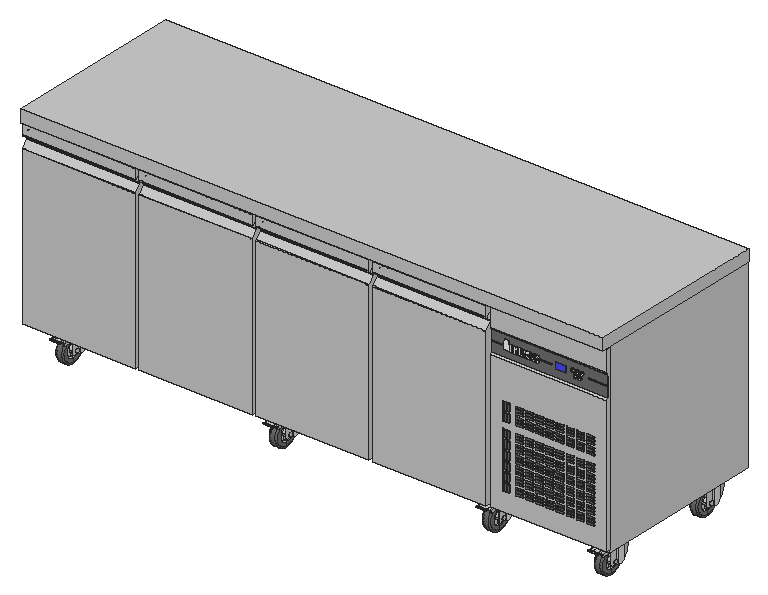
Revit family "QF_INOMAK_PNRP9999_250515103511", category Specialty Equipment, Revit 2021 (continued)
Definition of nested family "QF_INOMAK_REF_COUNTERS_DOORS_DRAWERS_35354"
  Nested families
    nested 8: "Hinged_Doors" at (0, 700, 0), Length Actual <- "Length Actual", Depth Actual <- "Depth Actual", Height Actual <- "Height Actual", Front inset <- "Front inset", Rear inset <- "Rear inset", Left panel thickness <- "Left panel thickness", Right panel thickness <- "Right panel thickness", Doors drawers type <- "Doors drawers type", Plinth height <- "Plinth height", Top inset <- "Top inset", Bottom inset <- "Bottom inset", Finish <- "Finish", type "Hinged doors"
      with Top inset 10 mm, Right panel thickness 0 mm, Rear inset 0 mm, Plinth height 0 mm, Length Actual 435 mm, Left panel thickness 0 mm, Hinged doors no, Height Actual 710 mm, Front inset 10 mm, Finish none, Doors drawers type 8, Depth Actual 700 mm, Bottom inset 10 mm
    nested 9: "Hopper" at (0, 700, 1.284), Length Actual <- "Length Actual", Depth Actual <- "Depth Actual", Height Actual <- "Height Actual", Front inset <- "Front inset", Rear inset <- "Rear inset", Left panel thickness <- "Left panel thickness", Right panel thickness <- "Right panel thickness", Doors drawers type <- "Doors drawers type", Plinth height <- "Plinth height", Top inset <- "Top inset", Bottom inset <- "Bottom inset", Finish <- "Finish", type "Hopper"
      with Top inset 10 mm, Right panel thickness 0 mm, Rear inset 0 mm, Plinth height 0 mm, Length Actual 435 mm, Left panel thickness 0 mm, Hopper no, Height Actual 710 mm, Front inset 10 mm, Finish none, Doors drawers type 8, Depth Actual 700 mm, Bottom inset 10 mm
  Definition of nested family "Left_Door"
    Parameters (values of type "Left door")
      URL = "www.specifiglobal.com"
      Top inset [instance] = 10 mm
      Right panel thickness [instance] = 0 mm
      Rear inset [instance] = 0 mm
      Plinth height [instance] = 150 mm
      Model = ""
      Manufacturer = "DEMO CONSULTANT"
      Length Actual [instance] = 700 mm
      Left panel thickness [instance] = 0 mm
      Left hand hinged door [instance] = Doors drawers type = 8  # yes
      Height Actual [instance] = 710 mm
      Front inset [instance] = 10 mm
      Finish = none
      Doors drawers type [instance] = 8
      Description = ""
      Depth Actual [instance] = 700 mm
      Default Elevation = 0 mm
      Bottom inset [instance] = 0 mm
      Assembly Code = "E1090320"
    Reference planes
      plane 1 "Back": y = 0
      plane 2: z = 0
      plane 3 "Left": x = 0
      plane 4 "Right": x = 700
      plane 5 "Front": y = -700
      plane 6 "Top": z = 860
      plane 7 "Front legs": y = -690
      plane 8 "Legs top": z = 150
      plane 9 "Backsplash thickness": y = 0
      plane 10 "Left panel": x = 0
      plane 11 "Right panel": x = 700
      plane 12: z = 850
      plane 13: z = 150
    Forms (mm)
      Extrusion 1, solid, material <- "Finish", visible <- "Left hand hinged door"
        sketch origin (0, 0, 0) x (0, -1, 0) y (0, 0, 1)
          loop
            line (690, 150) -> (690, 764.365)
            arc (690, 764.365) -> (689.866, 765.037) -> (689.485, 765.607) r 1.757
            line (689.485, 765.607) -> (666.663, 788.429)
            arc (666.663, 788.429) -> (665.976, 789.458) -> (665.734, 790.672) r 3.172
            line (665.734, 790.672) -> (665.734, 817.576)
            arc (665.734, 817.576) -> (666.433, 819.262) -> (668.119, 819.961) r 2.385
            line (668.119, 819.961) -> (680.029, 819.961) -> (686.544, 810.657)
            arc (686.544, 810.657) -> (688.671, 809.935) -> (690, 811.747) r 1.9
            line (690, 811.747) -> (690, 850) -> (648, 850) -> (648, 150) -> (690, 150)
        from 0 to -700
      Extrusion 2, solid, visible <- "Left hand hinged door", detail levels coarse
        sketch origin (0, -700, 150) x (-1, 0, 0) y (0, 1, 0)
          loop
            arc (-700, 10) -> (-495.871, -481.066) -> (0, -673.23) r 677.11
            line (0, -673.23) -> (0, 10) -> (-700, 10)
        from 0 to -700
    Lines and regions (mm)
      symbolic lines, visible <- "Left hand hinged door"
        curve 1: line (0, -700, 150) -> (0, -1373.247, 150)
        curve 2: arc (0, -1373.247, 150) -> (492.316, -1184.595, 150) -> (700, -700, 150) r 676.963
    Dimensions and locks
      "Length Actual": plane 3 "Left" to plane 4 "Right"
      "Depth Actual": plane 5 "Front" to plane 1 "Back"
      "Height Actual": plane 6 "Top" to plane 8 "Legs top"
      "Front inset": plane 7 "Front legs" to plane 5 "Front"
      "Plinth height": plane 8 "Legs top" to plane 2
      "Rear inset": plane 9 "Backsplash thickness" to plane 1 "Back"
      "Right panel thickness": plane 11 "Right panel" to plane 4 "Right"
      "Left panel thickness": plane 3 "Left" to plane 10 "Left panel"
      "Top inset": plane 6 "Top" to plane 12
      "Bottom inset": plane 13 to plane 8 "Legs top"
      aligned and locked: level to plane 2
      aligned and locked: Extrusion 1 to plane 11 "Right panel"
      aligned and locked: plane 10 "Left panel" to Extrusion 2 sketch curve
      aligned and locked: plane 11 "Right panel" to Extrusion 2 sketch curve
      aligned and locked: Extrusion 2 sketch curve to plane 10 "Left panel"
      aligned and locked: plane 7 "Front legs" to Extrusion 2 sketch curve
      aligned and locked: plane 7 "Front legs" to Extrusion 2
      aligned and locked: plane 10 "Left panel" to Extrusion 2
      aligned and locked: Extrusion 2 to plane 12
      aligned and locked: Extrusion 1 sketch curve to plane 13
      aligned and locked: Extrusion 1 sketch curve to plane 7 "Front legs"
      aligned and locked: Extrusion 1 sketch curve to plane 12
    Automatic sketch dimensions
      Extrusion 1 sketch curve to Extrusion 1 sketch curve = 1.556 mm
      Extrusion 1 sketch curve to Extrusion 1 sketch curve = 11.91 mm
      Extrusion 1 sketch curve to Extrusion 1 sketch curve = 2.243 mm
      Extrusion 1 sketch curve to Extrusion 1 sketch curve = 2.385 mm
      Extrusion 1 sketch curve to Extrusion 1 sketch curve = 20.119 mm
      Extrusion 1 sketch curve to Extrusion 1 sketch curve = 22.822 mm
      Extrusion 1 sketch curve to Extrusion 1 sketch curve = 19.985 mm
      Extrusion 1 sketch curve to Extrusion 1 sketch curve = 6.919 mm
      Extrusion 1 sketch curve to Extrusion 1 sketch curve = 30.039 mm
      plane 7 "Front legs" to Extrusion 1 sketch curve = 42 mm
      Extrusion 1 sketch curve to Extrusion 1 sketch curve = 0.929 mm
      Extrusion 1 sketch curve to Extrusion 1 sketch curve = 6.515 mm
      Extrusion 1 sketch curve to Extrusion 1 sketch curve = 1.242 mm
      Extrusion 1 sketch curve to Extrusion 1 sketch curve = 1.9 mm
      Extrusion 1 sketch curve to Extrusion 1 sketch curve = 0.515 mm
      plane 5 "Front" to Extrusion 2 sketch curve = 3.492 mm
      plane 3 "Left" to Extrusion 2 sketch curve = 22.921 mm
      curve 1 to plane 3 "Left" = 0 mm
      curve 2 to plane 4 "Right" = 0 mm
      curve 2 to plane 5 "Front" = 0 mm
      curve 1 to plane 5 "Front" = 0 mm
      plane 5 "Front" to curve 2 = 3.324 mm
      plane 3 "Left" to curve 2 = 23.045 mm
  Definition of nested family "Right_Door"
    Parameters (values of type "Right door")
      URL = "www.specifiglobal.com"
      Top inset [instance] = 4 mm
      Right panel thickness [instance] = 35 mm
      Right hand hinged door [instance] = Doors drawers type = 9  # yes
      Rear inset [instance] = 10 mm
      Plinth height [instance] = 150 mm
      Model = ""
      Manufacturer = "DEMO CONSULTANT"
      Length Actual [instance] = 1700 mm
      Left panel thickness [instance] = 35 mm
      Height Actual [instance] = 900 mm
      Front inset [instance] = 10 mm
      Finish = none
      Doors drawers type [instance] = 9
      Description = ""
      Depth Actual [instance] = 700 mm
      Default Elevation = 0 mm
      Bottom inset [instance] = 4 mm
      Assembly Code = "E1090320"
    Reference planes
      plane 1 "Back": y = 0
      plane 2: z = 0
      plane 3 "Left": x = 0
      plane 4 "Right": x = 1700
      plane 5 "Front": y = -700
      plane 6 "Top": z = 1050
      plane 7 "Front legs": y = -690
      plane 8 "Legs top": z = 150
      plane 9 "Backsplash thickness": y = -10
      plane 10 "Left panel": x = 35
      plane 11 "Right panel": x = 1665
      plane 12: z = 1046
      plane 13: z = 154
    Forms (mm)
      Extrusion 1, solid, material <- "Finish", visible <- "Right hand hinged door"
        sketch origin (35, 0, 0) x (0, -1, 0) y (0, 0, 1)
          loop
            line (690, 154) -> (690, 960.365)
            arc (690, 960.365) -> (689.866, 961.037) -> (689.485, 961.607) r 1.757
            line (689.485, 961.607) -> (666.663, 984.429)
            arc (666.663, 984.429) -> (665.976, 985.458) -> (665.734, 986.672) r 3.172
            line (665.734, 986.672) -> (665.734, 1013.576)
            arc (665.734, 1013.576) -> (666.433, 1015.262) -> (668.119, 1015.961) r 2.385
            line (668.119, 1015.961) -> (680.029, 1015.961) -> (686.544, 1006.657)
            arc (686.544, 1006.657) -> (688.671, 1005.935) -> (690, 1007.747) r 1.9
            line (690, 1007.747) -> (690, 1046) -> (648, 1046) -> (648, 154) -> (690, 154)
        from 0 to -1630
      Extrusion 2, solid, visible <- "Right hand hinged door", detail levels coarse
        sketch origin (0, -700, 154) x (-1, 0, 0) y (0, 1, 0)
          loop
            line (-1665, 10) -> (-1665, -1637.12)
            arc (-1665, -1637.12) -> (-517.894, -1142.214) -> (-35, 10) r 1670.236
            line (-35, 10) -> (-1665, 10)
        from 0 to -892
    Lines and regions (mm)
      symbolic lines, visible <- "Right hand hinged door"
        curve 1: line (1665, -2337.12, 150) -> (1665, -700, 150)
        curve 2: arc (1665, -2337.12, 150) -> (521.415, -1845.762, 150) -> (35.165, -699.995, 150) r 1670.236
    Dimensions and locks
      "Length Actual": plane 3 "Left" to plane 4 "Right"
      "Depth Actual": plane 5 "Front" to plane 1 "Back"
      "Height Actual": plane 6 "Top" to plane 8 "Legs top"
      "Front inset": plane 7 "Front legs" to plane 5 "Front"
      "Plinth height": plane 8 "Legs top" to plane 2
      "Rear inset": plane 9 "Backsplash thickness" to plane 1 "Back"
      "Right panel thickness": plane 11 "Right panel" to plane 4 "Right"
      "Left panel thickness": plane 3 "Left" to plane 10 "Left panel"
      "Top inset": plane 6 "Top" to plane 12
      "Bottom inset": plane 13 to plane 8 "Legs top"
      aligned and locked: level to plane 2
      aligned and locked: Extrusion 1 to plane 11 "Right panel"
      aligned and locked: plane 10 "Left panel" to Extrusion 2 sketch curve
      aligned and locked: plane 11 "Right panel" to Extrusion 2 sketch curve
      aligned and locked: plane 7 "Front legs" to Extrusion 2
      aligned and locked: plane 7 "Front legs" to Extrusion 2 sketch curve
      aligned and locked: Extrusion 2 sketch curve to plane 11 "Right panel"
      aligned and locked: curve 1 to Extrusion 2
      aligned and locked: plane 5 "Front" to curve 1
      aligned and locked: Extrusion 2 to plane 12
      aligned and locked: Extrusion 1 sketch curve to plane 12
      aligned and locked: Extrusion 1 sketch curve to plane 7 "Front legs"
      aligned and locked: Extrusion 1 sketch curve to plane 13
      aligned and locked: curve 2 to Extrusion 2
    Automatic sketch dimensions
      Extrusion 1 sketch curve to Extrusion 1 sketch curve = 1.556 mm
      Extrusion 1 sketch curve to Extrusion 1 sketch curve = 11.91 mm
      Extrusion 1 sketch curve to Extrusion 1 sketch curve = 2.243 mm
      Extrusion 1 sketch curve to Extrusion 1 sketch curve = 2.385 mm
      Extrusion 1 sketch curve to Extrusion 1 sketch curve = 20.119 mm
      Extrusion 1 sketch curve to Extrusion 1 sketch curve = 22.822 mm
      Extrusion 1 sketch curve to Extrusion 1 sketch curve = 19.985 mm
      Extrusion 1 sketch curve to Extrusion 1 sketch curve = 6.919 mm
      Extrusion 1 sketch curve to Extrusion 1 sketch curve = 30.039 mm
      plane 7 "Front legs" to Extrusion 1 sketch curve = 42 mm
      Extrusion 1 sketch curve to Extrusion 1 sketch curve = 0.929 mm
      Extrusion 1 sketch curve to Extrusion 1 sketch curve = 6.515 mm
      Extrusion 1 sketch curve to Extrusion 1 sketch curve = 1.242 mm
      Extrusion 1 sketch curve to Extrusion 1 sketch curve = 1.9 mm
      Extrusion 1 sketch curve to Extrusion 1 sketch curve = 0.515 mm
      Extrusion 2 sketch curve to plane 4 "Right" = 5.083 mm
      plane 7 "Front legs" to Extrusion 2 sketch curve = 22.635 mm
      plane 5 "Front" to curve 2 = 0.005 mm
  Definition of nested family "3_Drawers_1-3"
    Parameters (values of type "3 Drawers 1-3")
      URL = "www.specifiglobal.com"
      Top inset [instance] = 4 mm
      Right panel thickness [instance] = 35 mm
      Rear inset [instance] = 10 mm
      Plinth height [instance] = 150 mm
      Model = ""
      Manufacturer = "DEMO CONSULTANT"
      Length Actual [instance] = 1200 mm
      Left panel thickness [instance] = 35 mm
      Height Actual [instance] = 900 mm
      Front inset [instance] = 10 mm
      Finish = none
      Doors drawers type [instance] = 6
      Description = ""
      Depth Actual [instance] = 700 mm
      Default Elevation = 0 mm
      Bottom inset [instance] = 4 mm
      Assembly Code = "E1090320"
      3 Drawers [instance] = Doors drawers type = 6  # yes
    Reference planes
      plane 1 "Back": y = 0
      plane 2: z = 0
      plane 3 "Left": x = 0
      plane 4 "Right": x = 1200
      plane 5 "Front": y = -700
      plane 6 "Top": z = 1050
      plane 7 "Front legs": y = -690
      plane 8 "Legs top": z = 150
      plane 9 "Backsplash thickness": y = -10
      plane 10 "Left panel": x = 35
      plane 11 "Right panel": x = 1165
      plane 12: z = 749.333
      plane 13: z = 1046
      plane 14: z = 751.667
      plane 15: z = 747
      plane 16: z = 1048
      plane 17: z = 450.667
      plane 18: z = 453.333
      plane 19: z = 448
      plane 20: z = 154
      plane 21: z = 152
    Forms (mm)
      Extrusion 1, solid, material <- "Finish", visible <- "3 Drawers"
        sketch origin (35, 0, 0) x (0, -1, 0) y (0, 0, 1)
          loop
            line (690, 751.667) -> (690, 960.365)
            arc (690, 960.365) -> (689.866, 961.037) -> (689.485, 961.607) r 1.757
            line (689.485, 961.607) -> (666.663, 984.429)
            arc (666.663, 984.429) -> (665.976, 985.458) -> (665.734, 986.672) r 3.172
            line (665.734, 986.672) -> (665.734, 1013.576)
            arc (665.734, 1013.576) -> (666.433, 1015.262) -> (668.119, 1015.961) r 2.385
            line (668.119, 1015.961) -> (680.029, 1015.961) -> (686.544, 1006.657)
            arc (686.544, 1006.657) -> (688.671, 1005.935) -> (690, 1007.747) r 1.9
            line (690, 1007.747) -> (690, 1046) -> (648, 1046) -> (648, 751.667) -> (690, 751.667)
        from 0 to -1130
      Extrusion 2, solid, visible <- "3 Drawers", detail levels coarse
        sketch origin (0, -640.463, 751.667) x (0, 1, 0) y (-1, 0, 0)
          loop
            line (-49.537, -35) -> (-624.582, -35) -> (-624.582, -1165) -> (-49.537, -1165) -> (-49.537, -35)
        from 0 to 294.333
      Extrusion 3, solid, visible <- "3 Drawers", detail levels coarse
        sketch origin (0, -640.463, 453.333) x (0, 1, 0) y (-1, 0, 0)
          loop
            line (-49.537, -35) -> (-624.582, -35) -> (-624.582, -1165) -> (-49.537, -1165) -> (-49.537, -35)
        from 0 to 293.667
      Extrusion 4, solid, visible <- "3 Drawers", detail levels coarse
        sketch origin (0, -700, 154) x (-1, 0, 0) y (0, 1, 0)
          loop
            line (-35, 10) -> (-1165, 10) -> (-1165, -565.045) -> (-35, -565.045) -> (-35, 10)
        from 0 to -294
      Extrusion 5, solid, material <- "Finish", visible <- "3 Drawers"
        sketch origin (35, 0, -220.667) x (0, -1, 0) y (0, 0, 1)
          loop
            line (690, 674) -> (690, 882.031)
            arc (690, 882.031) -> (689.866, 882.704) -> (689.485, 883.274) r 1.757
            line (689.485, 883.274) -> (666.663, 906.096)
            arc (666.663, 906.096) -> (665.976, 907.125) -> (665.734, 908.339) r 3.172
            line (665.734, 908.339) -> (665.734, 935.243)
            arc (665.734, 935.243) -> (666.433, 936.929) -> (668.119, 937.628) r 2.385
            line (668.119, 937.628) -> (680.029, 937.628) -> (686.544, 928.324)
            arc (686.544, 928.324) -> (688.671, 927.602) -> (690, 929.414) r 1.9
            line (690, 929.414) -> (690, 967.667) -> (648, 967.667) -> (648, 674) -> (690, 674)
        from 0 to -1130
      Extrusion 6, solid, material <- "Finish", visible <- "3 Drawers"
        sketch origin (35, 0, -441.333) x (0, -1, 0) y (0, 0, 1)
          loop
            line (690, 595.333) -> (690, 800.031)
            arc (690, 800.031) -> (689.866, 800.704) -> (689.485, 801.274) r 1.757
            line (689.485, 801.274) -> (666.663, 824.096)
            arc (666.663, 824.096) -> (665.976, 825.125) -> (665.734, 826.339) r 3.172
            line (665.734, 826.339) -> (665.734, 857.243)
            arc (665.734, 857.243) -> (666.433, 858.929) -> (668.119, 859.628) r 2.385
            line (668.119, 859.628) -> (680.029, 859.628) -> (686.544, 850.324)
            arc (686.544, 850.324) -> (688.671, 849.602) -> (690, 851.414) r 1.9
            line (690, 851.414) -> (690, 889.333) -> (648, 889.333) -> (648, 595.333) -> (690, 595.333)
        from 0 to -1130
    Lines and regions (mm)
      symbolic lines, visible <- "3 Drawers"
        curve 1: line (35, -850, 900) -> (35, -890, 900)
        curve 2: line (35, -890, 900) -> (1165, -890, 900)
        curve 3: line (1165, -890, 900) -> (1165, -850, 900)
        curve 4: line (1165, -850, 900) -> (35, -850, 900)
        curve 5: line (1135, -850, 900) -> (1135, -700, 900)
        curve 6: line (65, -850, 900) -> (65, -700, 900)
        curve 7: line (35, -1040, 900) -> (35, -1080, 900)
        curve 8: line (35, -1080, 900) -> (1165, -1080, 900)
        curve 9: line (1165, -1080, 900) -> (1165, -1040, 900)
        curve 10: line (1165, -1040, 900) -> (35, -1040, 900)
        curve 11: line (1135, -1040, 900) -> (1135, -890, 900)
        curve 12: line (65, -1040, 900) -> (65, -890, 900)
        curve 13: line (35, -1225, 900) -> (35, -1265, 900)
        curve 14: line (35, -1265, 900) -> (1165, -1265, 900)
        curve 15: line (1165, -1265, 900) -> (1165, -1225, 900)
        curve 16: line (1165, -1225, 900) -> (35, -1225, 900)
        curve 17: line (1135, -1225, 900) -> (1135, -1080, 900)
        curve 18: line (65, -1225, 900) -> (65, -1080, 900)
    Dimensions and locks
      "Length Actual": plane 3 "Left" to plane 4 "Right"
      "Depth Actual": plane 5 "Front" to plane 1 "Back"
      "Height Actual": plane 6 "Top" to plane 8 "Legs top"
      "Front inset": plane 7 "Front legs" to plane 5 "Front"
      "Plinth height": plane 8 "Legs top" to plane 2
      "Rear inset": plane 9 "Backsplash thickness" to plane 1 "Back"
      "Right panel thickness": plane 11 "Right panel" to plane 4 "Right"
      "Left panel thickness": plane 3 "Left" to plane 10 "Left panel"
      plane 14 to plane 15 = 4.667 mm
      equal spacing: plane 14, plane 12, plane 15
      locked: plane 16 to plane 13 at 2
      equal spacing: plane 18, plane 17, plane 19
      plane 18 to plane 19 = 5.333 mm
      "Bottom inset": plane 20 to plane 8 "Legs top"
      equal spacing: plane 21, plane 17, plane 12, plane 16
      "Top inset": plane 13 to plane 6 "Top"
      locked: plane 21 to plane 20 at 2
      aligned and locked: level to plane 2
      aligned and locked: Extrusion 1 to plane 11 "Right panel"
      aligned and locked: plane 10 "Left panel" to curve 1
      aligned and locked: plane 10 "Left panel" to curve 7
      aligned and locked: plane 10 "Left panel" to curve 13
      aligned and locked: Extrusion 2 sketch curve to plane 10 "Left panel"
      aligned and locked: plane 11 "Right panel" to Extrusion 2 sketch curve
      aligned and locked: Extrusion 3 sketch curve to plane 10 "Left panel"
      aligned and locked: plane 11 "Right panel" to Extrusion 3 sketch curve
      aligned and locked: Extrusion 4 sketch curve to plane 10 "Left panel"
      aligned and locked: plane 11 "Right panel" to Extrusion 4 sketch curve
      aligned and locked: Extrusion 2 to plane 13
      aligned and locked: Extrusion 3 to plane 15
      aligned and locked: Extrusion 4 to plane 19
      aligned and locked: Extrusion 5 to plane 11 "Right panel"
      aligned and locked: Extrusion 6 to plane 11 "Right panel"
      aligned and locked: Extrusion 1 sketch curve to plane 13
      aligned and locked: Extrusion 1 sketch curve to plane 7 "Front legs"
      aligned and locked: plane 18 to Extrusion 5 sketch curve
      aligned and locked: Extrusion 6 sketch curve to Extrusion 4  (x2)
      aligned and locked: Extrusion 5 sketch curve to plane 15
      aligned and locked: Extrusion 4 to Extrusion 5 sketch curve
      aligned and locked: Extrusion 6 sketch curve to plane 19
      aligned and locked: Extrusion 6 sketch curve to plane 20
    Automatic sketch dimensions
      Extrusion 2 sketch curve to plane 7 "Front legs" = 0 mm
      Extrusion 2 sketch curve to plane 5 "Front" = 565.045 mm
      Extrusion 3 sketch curve to plane 7 "Front legs" = 0 mm
      Extrusion 3 sketch curve to plane 5 "Front" = 565.045 mm
      Extrusion 4 sketch curve to plane 7 "Front legs" = 0 mm
      Extrusion 4 sketch curve to plane 5 "Front" = 565.045 mm
      curve 14 to plane 11 "Right panel" = 0 mm
      curve 8 to plane 11 "Right panel" = 0 mm
      curve 3 to plane 11 "Right panel" = 0 mm
      curve 6 to plane 5 "Front" = 0 mm
      curve 5 to plane 5 "Front" = 0 mm
      curve 1 to plane 5 "Front" = 150 mm
      curve 2 to curve 3 = 40 mm
      curve 10 to curve 1 = 150 mm
      curve 9 to curve 9 = 40 mm
      curve 13 to curve 7 = 145 mm
      curve 14 to curve 13 = 40 mm
      curve 3 to curve 5 = 30 mm
      curve 15 to curve 17 = 30 mm
      curve 11 to curve 17 = 0 mm
      curve 6 to plane 10 "Left panel" = 30 mm
      curve 18 to plane 10 "Left panel" = 30 mm
      curve 12 to curve 18 = 0 mm
      Extrusion 1 sketch curve to plane 14 = 0 mm
      Extrusion 1 sketch curve to plane 7 "Front legs" = 0 mm
      plane 7 "Front legs" to Extrusion 1 sketch curve = 0.515 mm
      plane 7 "Front legs" to Extrusion 1 sketch curve = 1.757 mm
      plane 7 "Front legs" to Extrusion 1 sketch curve = 1.9 mm
      Extrusion 1 sketch curve to Extrusion 1 sketch curve = 1.556 mm
      plane 7 "Front legs" to Extrusion 1 sketch curve = 9.971 mm
      plane 7 "Front legs" to Extrusion 1 sketch curve = 21.094 mm
      Extrusion 1 sketch curve to Extrusion 1 sketch curve = 11.91 mm
      Extrusion 1 sketch curve to Extrusion 1 sketch curve = 2.243 mm
      Extrusion 1 sketch curve to Extrusion 1 sketch curve = 2.385 mm
      Extrusion 1 sketch curve to Extrusion 1 sketch curve = 20.119 mm
      plane 13 to Extrusion 1 sketch curve = 85.635 mm
      Extrusion 1 sketch curve to Extrusion 1 sketch curve = 22.822 mm
      Extrusion 1 sketch curve to Extrusion 1 sketch curve = 19.985 mm
      Extrusion 1 sketch curve to Extrusion 1 sketch curve = 6.919 mm
      plane 15 to Extrusion 5 sketch curve = 59.328 mm
      Extrusion 5 sketch curve to Extrusion 5 sketch curve = 17.734 mm
      plane 15 to Extrusion 5 sketch curve = 61.571 mm
      Extrusion 5 sketch curve to Extrusion 5 sketch curve = 0.929 mm
      Extrusion 5 sketch curve to Extrusion 5 sketch curve = 2.385 mm
      Extrusion 5 sketch curve to Extrusion 5 sketch curve = 11.91 mm
      Extrusion 5 sketch curve to Extrusion 5 sketch curve = 6.515 mm
      Extrusion 5 sketch curve to Extrusion 5 sketch curve = 1.556 mm
      Extrusion 5 sketch curve to Extrusion 5 sketch curve = 21.58 mm
      plane 15 to Extrusion 5 sketch curve = 84.393 mm
      Extrusion 5 sketch curve to Extrusion 5 sketch curve = 1.242 mm
      Extrusion 5 sketch curve to Extrusion 5 sketch curve = 1.9 mm
      Extrusion 5 sketch curve to Extrusion 5 sketch curve = 0.515 mm
      Extrusion 5 sketch curve to Extrusion 5 sketch curve = 6.919 mm
      Extrusion 5 sketch curve to Extrusion 5 sketch curve = 30.039 mm
      plane 7 "Front legs" to Extrusion 6 sketch curve = 0.515 mm
      plane 7 "Front legs" to Extrusion 6 sketch curve = 1.757 mm
      plane 7 "Front legs" to Extrusion 6 sketch curve = 1.9 mm
      Extrusion 6 sketch curve to Extrusion 6 sketch curve = 1.556 mm
      plane 7 "Front legs" to Extrusion 6 sketch curve = 9.971 mm
      plane 7 "Front legs" to Extrusion 6 sketch curve = 21.094 mm
      Extrusion 6 sketch curve to Extrusion 6 sketch curve = 11.91 mm
      Extrusion 6 sketch curve to Extrusion 6 sketch curve = 2.243 mm
      Extrusion 6 sketch curve to Extrusion 6 sketch curve = 2.385 mm
      Extrusion 6 sketch curve to Extrusion 6 sketch curve = 20.119 mm
      plane 19 to Extrusion 6 sketch curve = 89.302 mm
      Extrusion 6 sketch curve to Extrusion 6 sketch curve = 22.822 mm
      Extrusion 6 sketch curve to Extrusion 6 sketch curve = 23.985 mm
      Extrusion 6 sketch curve to Extrusion 6 sketch curve = 6.919 mm
  Definition of nested family "2_Drawers_1-2"
    Parameters (values of type "2 Drawers 1-2")
      URL = "www.specifiglobal.com"
      Top inset [instance] = 4 mm
      Right panel thickness [instance] = 35 mm
      Rear inset [instance] = 10 mm
      Plinth height [instance] = 150 mm
      Model = ""
      Manufacturer = "DEMO CONSULTANT"
      Length Actual [instance] = 1200 mm
      Left panel thickness [instance] = 35 mm
      Height Actual [instance] = 900 mm
      Front inset [instance] = 10 mm
      Finish = none
      Doors drawers type [instance] = 4
      Description = ""
      Depth Actual [instance] = 700 mm
      Default Elevation = 0 mm
      Bottom inset [instance] = 4 mm
      Assembly Code = "E1090320"
      2 Drawers [instance] = Doors drawers type = 4  # yes
    Reference planes
      plane 1 "Back": y = 0
      plane 2: z = 0
      plane 3 "Left": x = 0
      plane 4 "Right": x = 1200
      plane 5 "Front": y = -700
      plane 6 "Top": z = 1050
      plane 7 "Front legs": y = -690
      plane 8 "Legs top": z = 150
      plane 9 "Backsplash thickness": y = -10
      plane 10 "Left panel": x = 35
      plane 11 "Right panel": x = 1165
      plane 12: z = 600
      plane 13: z = 1046
      plane 14: z = 602
      plane 15: z = 598
      plane 16: z = 154
    Forms (mm)
      Extrusion 1, solid, material <- "Finish", visible <- "2 Drawers"
        sketch origin (35, 0, 0) x (0, -1, 0) y (0, 0, 1)
          loop
            line (690, 602) -> (690, 960.365)
            arc (690, 960.365) -> (689.866, 961.037) -> (689.485, 961.607) r 1.757
            line (689.485, 961.607) -> (666.663, 984.429)
            arc (666.663, 984.429) -> (665.976, 985.458) -> (665.734, 986.672) r 3.172
            line (665.734, 986.672) -> (665.734, 1013.576)
            arc (665.734, 1013.576) -> (666.433, 1015.262) -> (668.119, 1015.961) r 2.385
            line (668.119, 1015.961) -> (680.029, 1015.961) -> (686.544, 1006.657)
            arc (686.544, 1006.657) -> (688.671, 1005.935) -> (690, 1007.747) r 1.9
            line (690, 1007.747) -> (690, 1046) -> (648, 1046) -> (648, 602) -> (690, 602)
        from 0 to -1130
      Extrusion 2, solid, visible <- "2 Drawers", detail levels coarse
        sketch origin (0, -640.463, 602) x (0, 1, 0) y (-1, 0, 0)
          loop
            line (-49.537, -35) -> (-624.537, -35) -> (-624.537, -1165) -> (-49.537, -1165) -> (-49.537, -35)
        from 0 to 444
      Extrusion 3, solid, visible <- "2 Drawers", detail levels coarse
        sketch origin (0, -700, 154) x (-1, 0, 0) y (0, 1, 0)
          loop
            line (-35, 10) -> (-1165, 10) -> (-1165, -565) -> (-35, -565) -> (-35, 10)
        from 0 to -444
      Extrusion 4, solid, material <- "Finish", visible <- "2 Drawers"
        sketch origin (35, 0, -441.333) x (0, -1, 0) y (0, 0, 1)
          loop
            line (690, 595.333) -> (690, 953.698)
            arc (690, 953.698) -> (689.866, 954.37) -> (689.485, 954.94) r 1.757
            line (689.485, 954.94) -> (666.663, 977.763)
            arc (666.663, 977.763) -> (665.976, 978.792) -> (665.734, 980.006) r 3.172
            line (665.734, 980.006) -> (665.734, 1006.909)
            arc (665.734, 1006.909) -> (666.433, 1008.596) -> (668.119, 1009.294) r 2.385
            line (668.119, 1009.294) -> (680.029, 1009.294) -> (686.544, 999.991)
            arc (686.544, 999.991) -> (688.671, 999.268) -> (690, 1001.08) r 1.9
            line (690, 1001.08) -> (690, 1039.333) -> (648, 1039.333) -> (648, 595.333) -> (690, 595.333)
        from 0 to -1130
    Lines and regions (mm)
      symbolic lines, visible <- "2 Drawers"
        curve 1: line (35, -940, 900) -> (35, -980, 900)
        curve 2: line (35, -980, 900) -> (1165, -980, 900)
        curve 3: line (1165, -980, 900) -> (1165, -940, 900)
        curve 4: line (1165, -940, 900) -> (35, -940, 900)
        curve 5: line (1135, -940, 900) -> (1135, -700, 900)
        curve 6: line (65, -940, 900) -> (65, -700, 900)
        curve 7: line (35, -1225, 900) -> (35, -1265, 900)
        curve 8: line (35, -1265, 900) -> (1165, -1265, 900)
        curve 9: line (1165, -1265, 900) -> (1165, -1225, 900)
        curve 10: line (1165, -1225, 900) -> (35, -1225, 900)
        curve 11: line (1135, -1225, 900) -> (1135, -980, 900)
        curve 12: line (65, -1225, 900) -> (65, -980, 900)
    Dimensions and locks
      "Length Actual": plane 3 "Left" to plane 4 "Right"
      "Depth Actual": plane 5 "Front" to plane 1 "Back"
      "Height Actual": plane 6 "Top" to plane 8 "Legs top"
      "Front inset": plane 7 "Front legs" to plane 5 "Front"
      "Plinth height": plane 8 "Legs top" to plane 2
      "Rear inset": plane 9 "Backsplash thickness" to plane 1 "Back"
      "Right panel thickness": plane 11 "Right panel" to plane 4 "Right"
      "Left panel thickness": plane 3 "Left" to plane 10 "Left panel"
      "Top inset": plane 6 "Top" to plane 13
      "Bottom inset": plane 16 to plane 8 "Legs top"
      equal spacing: plane 16, plane 12, plane 13
      locked: plane 14 to plane 12 at 2
      locked: plane 15 to plane 12 at 2
      aligned and locked: level to plane 2
      aligned and locked: Extrusion 1 to plane 11 "Right panel"
      aligned and locked: plane 10 "Left panel" to curve 1
      aligned and locked: plane 10 "Left panel" to curve 7
      aligned and locked: Extrusion 2 sketch curve to plane 10 "Left panel"
      aligned and locked: plane 11 "Right panel" to Extrusion 2 sketch curve
      aligned and locked: Extrusion 3 sketch curve to plane 10 "Left panel"
      aligned and locked: plane 11 "Right panel" to Extrusion 3 sketch curve
      aligned and locked: Extrusion 2 to plane 13
      aligned and locked: Extrusion 4 to plane 11 "Right panel"
      aligned and locked: Extrusion 3 to plane 15
      aligned and locked: Extrusion 1 sketch curve to plane 13
      aligned and locked: Extrusion 1 sketch curve to plane 7 "Front legs"
      aligned and locked: plane 14 to Extrusion 1 sketch curve
      aligned and locked: Extrusion 4 sketch curve to plane 15
      aligned and locked: Extrusion 4 sketch curve to plane 7 "Front legs"
      aligned and locked: Extrusion 4 sketch curve to plane 16
    Automatic sketch dimensions
      Extrusion 2 sketch curve to plane 7 "Front legs" = 0 mm
      Extrusion 2 sketch curve to plane 5 "Front" = 565 mm
      Extrusion 3 sketch curve to plane 7 "Front legs" = 0 mm
      Extrusion 3 sketch curve to plane 5 "Front" = 565 mm
      curve 9 to plane 11 "Right panel" = 0 mm
      curve 2 to plane 11 "Right panel" = 0 mm
      curve 5 to plane 5 "Front" = 0 mm
      curve 6 to plane 5 "Front" = 0 mm
      curve 1 to plane 5 "Front" = 240 mm
      curve 3 to curve 3 = 40 mm
      curve 7 to curve 1 = 245 mm
      curve 8 to curve 9 = 40 mm
      plane 11 "Right panel" to curve 5 = 30 mm
      curve 2 to curve 11 = 30 mm
      curve 6 to plane 10 "Left panel" = 30 mm
      curve 12 to plane 10 "Left panel" = 30 mm
      Extrusion 1 sketch curve to Extrusion 1 sketch curve = 17.734 mm
      Extrusion 1 sketch curve to Extrusion 1 sketch curve = 0.929 mm
      Extrusion 1 sketch curve to Extrusion 1 sketch curve = 2.385 mm
      Extrusion 1 sketch curve to Extrusion 1 sketch curve = 3.172 mm
      Extrusion 1 sketch curve to Extrusion 1 sketch curve = 11.91 mm
      Extrusion 1 sketch curve to Extrusion 1 sketch curve = 6.515 mm
      Extrusion 1 sketch curve to Extrusion 1 sketch curve = 1.556 mm
      Extrusion 1 sketch curve to Extrusion 1 sketch curve = 21.58 mm
      Extrusion 1 sketch curve to Extrusion 1 sketch curve = 1.242 mm
      Extrusion 1 sketch curve to Extrusion 1 sketch curve = 1.9 mm
      Extrusion 1 sketch curve to Extrusion 1 sketch curve = 0.515 mm
      Extrusion 1 sketch curve to Extrusion 1 sketch curve = 22.822 mm
      Extrusion 1 sketch curve to Extrusion 1 sketch curve = 19.985 mm
      Extrusion 1 sketch curve to Extrusion 1 sketch curve = 6.919 mm
      Extrusion 1 sketch curve to Extrusion 1 sketch curve = 30.039 mm
      Extrusion 4 sketch curve to plane 7 "Front legs" = 0 mm
      plane 7 "Front legs" to Extrusion 4 sketch curve = 0.515 mm
      plane 7 "Front legs" to Extrusion 4 sketch curve = 1.757 mm
      plane 7 "Front legs" to Extrusion 4 sketch curve = 1.9 mm
      Extrusion 4 sketch curve to Extrusion 4 sketch curve = 1.556 mm
      plane 7 "Front legs" to Extrusion 4 sketch curve = 9.971 mm
      plane 7 "Front legs" to Extrusion 4 sketch curve = 21.094 mm
      Extrusion 4 sketch curve to Extrusion 4 sketch curve = 11.91 mm
      Extrusion 4 sketch curve to Extrusion 4 sketch curve = 2.243 mm
      Extrusion 4 sketch curve to Extrusion 4 sketch curve = 2.385 mm
      Extrusion 4 sketch curve to Extrusion 4 sketch curve = 20.119 mm
      Extrusion 4 sketch curve to Extrusion 4 sketch curve = 22.822 mm
      Extrusion 4 sketch curve to Extrusion 4 sketch curve = 19.985 mm
      Extrusion 4 sketch curve to Extrusion 4 sketch curve = 6.919 mm
      Extrusion 4 sketch curve to Extrusion 4 sketch curve = 30.039 mm
  Definition of nested family "2_Drawers_1-3_2-3"
    Parameters (values of type "2 Drawers 1-3 and 2-3")
      URL = "www.specifiglobal.com"
      Top inset [instance] = 4 mm
      Right panel thickness [instance] = 35 mm
      Rear inset [instance] = 10 mm
      Plinth height [instance] = 150 mm
      Model = ""
      Manufacturer = "DEMO CONSULTANT"
      Length Actual [instance] = 1200 mm
      Left panel thickness [instance] = 35 mm
      Height Actual [instance] = 900 mm
      Front inset [instance] = 10 mm
      Finish = none
      Doors drawers type [instance] = 5
      Description = ""
      Depth Actual [instance] = 700 mm
      Default Elevation = 0 mm
      Bottom inset [instance] = 4 mm
      Assembly Code = "E1090320"
      2 Drawers 1-3 and 2-3 [instance] = Doors drawers type = 5  # yes
    Reference planes
      plane 1 "Back": y = 0
      plane 2: z = 0
      plane 3 "Left": x = 0
      plane 4 "Right": x = 1200
      plane 5 "Front": y = -700
      plane 6 "Top": z = 1050
      plane 7 "Front legs": y = -690
      plane 8 "Legs top": z = 150
      plane 9 "Backsplash thickness": y = -10
      plane 10 "Left panel": x = 35
      plane 11 "Right panel": x = 1165
      plane 12: z = 1046
      plane 13: z = 751.833
      plane 14: z = 746.833
      plane 15: z = 154
      plane 16: z = 450.667
      plane 17: z = 152
      plane 18: z = 1048
      plane 19: z = 749.333
    Forms (mm)
      Extrusion 1, solid, material <- "Finish", visible <- "2 Drawers 1-3 and 2-3"
        sketch origin (35, 0, 0) x (0, -1, 0) y (0, 0, 1)
          loop
            line (690, 751.833) -> (690, 960.365)
            arc (690, 960.365) -> (689.866, 961.037) -> (689.485, 961.607) r 1.757
            line (689.485, 961.607) -> (666.663, 984.429)
            arc (666.663, 984.429) -> (665.976, 985.458) -> (665.734, 986.672) r 3.172
            line (665.734, 986.672) -> (665.734, 1013.576)
            arc (665.734, 1013.576) -> (666.433, 1015.262) -> (668.119, 1015.961) r 2.385
            line (668.119, 1015.961) -> (680.029, 1015.961) -> (686.544, 1006.657)
            arc (686.544, 1006.657) -> (688.671, 1005.935) -> (690, 1007.747) r 1.9
            line (690, 1007.747) -> (690, 1046) -> (648, 1046) -> (648, 751.833) -> (690, 751.833)
        from 0 to -1130
      Extrusion 2, solid, visible <- "2 Drawers 1-3 and 2-3", detail levels coarse
        sketch origin (0, -640.463, 751.833) x (0, 1, 0) y (-1, 0, 0)
          loop
            line (-49.537, -35) -> (-624.537, -35) -> (-624.537, -1165) -> (-49.537, -1165) -> (-49.537, -35)
        from 0 to 294.167
      Extrusion 3, solid, visible <- "2 Drawers 1-3 and 2-3", detail levels coarse
        sketch origin (0, -700, 154) x (-1, 0, 0) y (0, 1, 0)
          loop
            line (-35, 10) -> (-1165, 10) -> (-1165, -565) -> (-35, -565) -> (-35, 10)
        from 0 to -592.833
      Extrusion 4, solid, material <- "Finish", visible <- "2 Drawers 1-3 and 2-3"
        sketch origin (35, 0, -441.333) x (0, -1, 0) y (0, 0, 1)
          loop
            line (690, 595.333) -> (690, 1101.698)
            arc (690, 1101.698) -> (689.866, 1102.37) -> (689.485, 1102.94) r 1.757
            line (689.485, 1102.94) -> (666.663, 1126.596)
            arc (666.663, 1126.596) -> (665.976, 1127.625) -> (665.734, 1128.839) r 3.172
            line (665.734, 1128.839) -> (665.734, 1155.743)
            arc (665.734, 1155.743) -> (666.433, 1157.429) -> (668.119, 1158.128) r 2.385
            line (668.119, 1158.128) -> (680.029, 1158.128) -> (686.544, 1148.824)
            arc (686.544, 1148.824) -> (688.671, 1148.102) -> (690, 1149.914) r 1.9
            line (690, 1149.914) -> (690, 1188.167) -> (648, 1188.167) -> (648, 595.333) -> (690, 595.333)
        from 0 to -1130
    Lines and regions (mm)
      symbolic lines, visible <- "2 Drawers 1-3 and 2-3"
        curve 1: line (35, -1000, 900) -> (35, -1040, 900)
        curve 2: line (35, -1040, 900) -> (1165, -1040, 900)
        curve 3: line (1165, -1040, 900) -> (1165, -1000, 900)
        curve 4: line (1165, -1000, 900) -> (35, -1000, 900)
        curve 5: line (1135, -1000, 900) -> (1135, -700, 900)
        curve 6: line (65, -1000, 900) -> (65, -700, 900)
        curve 7: line (35, -1225, 900) -> (35, -1265, 900)
        curve 8: line (35, -1265, 900) -> (1165, -1265, 900)
        curve 9: line (1165, -1265, 900) -> (1165, -1225, 900)
        curve 10: line (1165, -1225, 900) -> (35, -1225, 900)
        curve 11: line (1135, -1225, 900) -> (1135, -1040, 900)
        curve 12: line (65, -1225, 900) -> (65, -1040, 900)
    Dimensions and locks
      "Length Actual": plane 3 "Left" to plane 4 "Right"
      "Depth Actual": plane 5 "Front" to plane 1 "Back"
      "Height Actual": plane 6 "Top" to plane 8 "Legs top"
      "Front inset": plane 7 "Front legs" to plane 5 "Front"
      "Plinth height": plane 8 "Legs top" to plane 2
      "Rear inset": plane 9 "Backsplash thickness" to plane 1 "Back"
      "Right panel thickness": plane 11 "Right panel" to plane 4 "Right"
      "Left panel thickness": plane 3 "Left" to plane 10 "Left panel"
      "Top inset": plane 6 "Top" to plane 12
      locked: plane 13 to plane 14 at 5
      "Bottom inset": plane 15 to plane 8 "Legs top"
      equal spacing: plane 17, plane 16, plane 19, plane 18
      equal spacing: plane 12, plane 18, plane 6 "Top"
      equal spacing: plane 14, plane 19, plane 13
      equal spacing: plane 15, plane 17, plane 8 "Legs top"
      aligned and locked: level to plane 2
      aligned and locked: Extrusion 1 to plane 11 "Right panel"
      aligned and locked: plane 10 "Left panel" to curve 1
      aligned and locked: plane 10 "Left panel" to curve 7
      aligned and locked: Extrusion 2 sketch curve to plane 10 "Left panel"
      aligned and locked: plane 11 "Right panel" to Extrusion 2 sketch curve
      aligned and locked: Extrusion 3 sketch curve to plane 10 "Left panel"
      aligned and locked: plane 11 "Right panel" to Extrusion 3 sketch curve
      aligned and locked: Extrusion 2 to plane 12
      aligned and locked: Extrusion 4 to plane 11 "Right panel"
      aligned and locked: Extrusion 3 to plane 14
      aligned and locked: plane 13 to Extrusion 1 sketch curve
      aligned and locked: Extrusion 2 to Extrusion 1 sketch curve
      aligned and locked: Extrusion 3 to Extrusion 4 sketch curve
      aligned and locked: Extrusion 4 sketch curve to Extrusion 3  (x2)
      aligned and locked: Extrusion 1 sketch curve to plane 7 "Front legs"
    Automatic sketch dimensions
      Extrusion 2 sketch curve to plane 7 "Front legs" = 0 mm
      Extrusion 2 sketch curve to plane 5 "Front" = 565 mm
      Extrusion 3 sketch curve to plane 7 "Front legs" = 0 mm
      Extrusion 3 sketch curve to plane 5 "Front" = 565 mm
      curve 9 to plane 11 "Right panel" = 0 mm
      curve 2 to plane 11 "Right panel" = 0 mm
      curve 5 to plane 5 "Front" = 0 mm
      curve 6 to plane 5 "Front" = 0 mm
      curve 1 to plane 5 "Front" = 300 mm
      curve 3 to curve 3 = 40 mm
      curve 7 to curve 1 = 185 mm
      curve 8 to curve 9 = 40 mm
      plane 11 "Right panel" to curve 5 = 30 mm
      curve 11 to curve 5 = 0 mm
      curve 6 to plane 10 "Left panel" = 30 mm
      curve 12 to curve 6 = 0 mm
      Extrusion 1 sketch curve to plane 7 "Front legs" = 0 mm
      plane 7 "Front legs" to Extrusion 1 sketch curve = 0.515 mm
      plane 7 "Front legs" to Extrusion 1 sketch curve = 1.757 mm
      plane 7 "Front legs" to Extrusion 1 sketch curve = 1.9 mm
      Extrusion 1 sketch curve to Extrusion 1 sketch curve = 1.556 mm
      plane 7 "Front legs" to Extrusion 1 sketch curve = 9.971 mm
      plane 7 "Front legs" to Extrusion 1 sketch curve = 21.094 mm
      Extrusion 1 sketch curve to Extrusion 1 sketch curve = 11.91 mm
      Extrusion 1 sketch curve to Extrusion 1 sketch curve = 2.243 mm
      Extrusion 1 sketch curve to Extrusion 1 sketch curve = 2.385 mm
      Extrusion 1 sketch curve to Extrusion 1 sketch curve = 20.119 mm
      plane 12 to Extrusion 1 sketch curve = 85.635 mm
      Extrusion 1 sketch curve to Extrusion 1 sketch curve = 22.822 mm
      Extrusion 1 sketch curve to Extrusion 1 sketch curve = 19.985 mm
      Extrusion 1 sketch curve to Extrusion 1 sketch curve = 6.919 mm
      plane 12 to Extrusion 1 sketch curve = 0 mm
      Extrusion 4 sketch curve to plane 7 "Front legs" = 0 mm
      plane 7 "Front legs" to Extrusion 4 sketch curve = 0.515 mm
      plane 7 "Front legs" to Extrusion 4 sketch curve = 1.9 mm
      Extrusion 4 sketch curve to Extrusion 4 sketch curve = 1.556 mm
      plane 7 "Front legs" to Extrusion 4 sketch curve = 9.971 mm
      plane 7 "Front legs" to Extrusion 4 sketch curve = 21.094 mm
      Extrusion 4 sketch curve to Extrusion 4 sketch curve = 11.91 mm
      Extrusion 4 sketch curve to Extrusion 4 sketch curve = 2.243 mm
      Extrusion 4 sketch curve to Extrusion 4 sketch curve = 2.385 mm
      Extrusion 4 sketch curve to Extrusion 4 sketch curve = 20.119 mm
      Extrusion 4 sketch curve to Extrusion 4 sketch curve = 86.469 mm
      Extrusion 4 sketch curve to Extrusion 4 sketch curve = 23.656 mm
      Extrusion 4 sketch curve to Extrusion 4 sketch curve = 19.985 mm
      Extrusion 4 sketch curve to Extrusion 4 sketch curve = 6.919 mm
      plane 7 "Front legs" to Extrusion 4 sketch curve = 1.757 mm
  Definition of nested family "Sliding_Doors"
    Parameters (values of type "Sliding doors")
      URL = "www.specifiglobal.com"
      Top inset [instance] = 4 mm
      Sliding doors [instance] = Doors drawers type = 2  # yes
      Right panel thickness [instance] = 35 mm
      Rear inset [instance] = 10 mm
      Plinth height [instance] = 150 mm
      Model = ""
      Manufacturer = "DEMO CONSULTANT"
      Length Actual [instance] = 1200 mm
      Left panel thickness [instance] = 35 mm
      Height Actual [instance] = 900 mm
      Front inset [instance] = 10 mm
      Finish [instance] = none
      Doors drawers type [instance] = 2
      Description = ""
      Depth Actual [instance] = 700 mm
      Default Elevation = 0 mm
      Bottom inset [instance] = 4 mm
      Assembly Code = "E1090320"
    Reference planes
      plane 1 "Back": y = 0
      plane 2: z = 0
      plane 3 "Left": x = 0
      plane 4 "Right": x = 1200
      plane 5 "Front": y = -700
      plane 6 "Top": z = 1050
      plane 7 "Front legs": y = -690
      plane 8 "Legs top": z = 150
      plane 9 "Backsplash thickness": y = -10
      plane 10: x = 35
      plane 11: x = 1165
      plane 12 "Center Left-Right": x = 600
      plane 13: z = 154
      plane 14: z = 1046
    Forms (mm)
      Extrusion 1, solid, material <- "Finish", visible <- "Sliding doors"
        sketch origin (0, -690, 154) x (-1, 0, 0) y (0, 1, 0)
          loop
            line (-35, 10) -> (-35, 20) -> (-620, 20) -> (-620, 0) -> (-91.156, 0)
            arc (-91.156, 0) -> (-85.272, 0.885) -> (-79.91, 3.461) r 20
            line (-79.91, 3.461) -> (-60, 17) -> (-38, 17) -> (-38, 10)
            arc (-38, 10) -> (-40.05, 5.05) -> (-45, 3) r 7
            line (-45, 3) -> (-50.012, 3) -> (-50.012, 0) -> (-45, 0)
            arc (-45, 0) -> (-37.929, 2.929) -> (-35, 10) r 10
        from 0 to -892
      Extrusion 2, solid, material <- "Finish", visible <- "Sliding doors"
        sketch origin (0, -689, 154) x (-1, 0, 0) y (0, 1, 0)
          loop
            arc (-1065, 30) -> (-1062.071, 22.929) -> (-1055, 20) r 10
            line (-1055, 20) -> (-1049.988, 20) -> (-1049.988, 23) -> (-1055, 23)
            arc (-1055, 23) -> (-1059.95, 25.05) -> (-1062, 30) r 7
            line (-1062, 30) -> (-1062, 37) -> (-1040, 37) -> (-1020.09, 23.461)
            arc (-1020.09, 23.461) -> (-1014.728, 20.885) -> (-1008.844, 20) r 20
            line (-1008.844, 20) -> (-480, 20) -> (-480, 40) -> (-1065, 40) -> (-1065, 30)
        from 0 to -892
    Lines and regions (mm)
      symbolic lines, visible <- "Sliding doors"
        curve 1: line (1065, -649, 150) -> (480, -649, 150)
        curve 2: line (1065, -669, 150) -> (1065, -649, 150)
        curve 3: line (480, -669, 150) -> (1065, -669, 150)
        curve 4: line (480, -649, 150) -> (480, -669, 150)
        curve 5: line (620, -690, 150) -> (35, -690, 150)
        curve 6: line (620, -670, 150) -> (620, -690, 150)
        curve 7: line (35, -670, 150) -> (620, -670, 150)
        curve 8: line (35, -690, 150) -> (35, -670, 150)
    Dimensions and locks
      "Length Actual": plane 3 "Left" to plane 4 "Right"
      "Depth Actual": plane 5 "Front" to plane 1 "Back"
      "Height Actual": plane 6 "Top" to plane 8 "Legs top"
      "Front inset": plane 7 "Front legs" to plane 5 "Front"
      "Plinth height": plane 8 "Legs top" to plane 2
      "Rear inset": plane 9 "Backsplash thickness" to plane 1 "Back"
      "Right panel thickness": plane 11 to plane 4 "Right"
      "Left panel thickness": plane 3 "Left" to plane 10
      equal spacing: plane 10, plane 12 "Center Left-Right", plane 11
      "Top inset": plane 6 "Top" to plane 14
      "Bottom inset": plane 13 to plane 8 "Legs top"
      locked: plane 12 "Center Left-Right" to curve 4 at 120
      locked: plane 12 "Center Left-Right" to curve 5 at 20
      locked: plane 11 to curve 1 at 100
      aligned and locked: level to plane 2
      aligned and locked: Extrusion 1 sketch curve to plane 7 "Front legs"
      aligned and locked: Extrusion 1 sketch curve to plane 10
      aligned and locked: Extrusion 1 to plane 14
      aligned and locked: Extrusion 2 to plane 14
      aligned and locked: curve 8 to plane 10
    Automatic sketch dimensions
      Extrusion 2 sketch curve to Extrusion 2 sketch curve = 0 mm  (x2)
      plane 11 to Extrusion 2 sketch curve = 100 mm
      Extrusion 2 sketch curve to Extrusion 2 sketch curve = 3 mm
      Extrusion 2 sketch curve to Extrusion 2 sketch curve = 7 mm  (x2)
      Extrusion 2 sketch curve to Extrusion 2 sketch curve = 5.012 mm
      plane 7 "Front legs" to Extrusion 2 sketch curve = 38 mm
      Extrusion 2 sketch curve to Extrusion 2 sketch curve = 15 mm
      plane 7 "Front legs" to Extrusion 2 sketch curve = 24.461 mm
      Extrusion 2 sketch curve to Extrusion 2 sketch curve = 19.91 mm
      Extrusion 2 sketch curve to Extrusion 2 sketch curve = 11.246 mm
      Extrusion 2 sketch curve to plane 12 "Center Left-Right" = 120 mm
      Extrusion 2 sketch curve to Extrusion 2 sketch curve = 16.539 mm
      Extrusion 2 sketch curve to Extrusion 2 sketch curve = 20 mm
      Extrusion 1 sketch curve to Extrusion 1 sketch curve = 0 mm  (x2)
      Extrusion 1 sketch curve to plane 7 "Front legs" = 0 mm
      Extrusion 1 sketch curve to plane 10 = 3 mm
      Extrusion 1 sketch curve to Extrusion 1 sketch curve = 7 mm
      Extrusion 1 sketch curve to Extrusion 1 sketch curve = 5.012 mm
      Extrusion 1 sketch curve to Extrusion 1 sketch curve = 15 mm
      plane 7 "Front legs" to Extrusion 1 sketch curve = 3.461 mm
      Extrusion 1 sketch curve to Extrusion 1 sketch curve = 19.91 mm
      Extrusion 1 sketch curve to Extrusion 1 sketch curve = 11.246 mm
      plane 12 "Center Left-Right" to Extrusion 1 sketch curve = 20 mm
      Extrusion 1 sketch curve to Extrusion 1 sketch curve = 20 mm
      Extrusion 1 sketch curve to Extrusion 1 sketch curve = 3 mm
      curve 8 to plane 7 "Front legs" = 0 mm
      curve 5 to curve 6 = 20 mm
      plane 7 "Front legs" to curve 2 = 21 mm
      curve 2 to curve 2 = 20 mm
  Definition of nested family "4_Drawers_1-4"
    Parameters (values of type "4 Drawers 1-4")
      URL = "www.specifiglobal.com"
      Top inset [instance] = 4 mm
      Right panel thickness [instance] = 35 mm
      Rear inset [instance] = 10 mm
      Plinth height [instance] = 150 mm
      Model = ""
      Manufacturer = "DEMO CONSULTANT"
      Length Actual [instance] = 1200 mm
      Left panel thickness [instance] = 35 mm
      Height Actual [instance] = 900 mm
      Front inset [instance] = 10 mm
      Finish [instance] = none
      Doors drawers type [instance] = 7
      Description = ""
      Depth Actual [instance] = 700 mm
      Default Elevation = 0 mm
      Bottom inset [instance] = 4 mm
      Assembly Code = "E1090320"
      4 Drawers [instance] = Doors drawers type = 7  # yes
    Reference planes
      plane 1 "Back": y = 0
      plane 2: z = 0
      plane 3 "Left": x = 0
      plane 4 "Right": x = 1200
      plane 5 "Front": y = -700
      plane 6 "Top": z = 1050
      plane 7 "Front legs": y = -690
      plane 8 "Legs top": z = 150
      plane 9 "Backsplash thickness": y = -10
      plane 10 "Left panel": x = 35
      plane 11 "Right panel": x = 1165
      plane 12: z = 824.25
      plane 13: z = 1046
      plane 14: z = 826.083
      plane 15: z = 822.417
      plane 16: z = 1048.5
      plane 17: z = 375.75
      plane 18: z = 377.917
      plane 19: z = 373.583
      plane 20: z = 154
      plane 21: z = 151.5
      plane 22: z = 600
      plane 23: z = 601.833
      plane 24: z = 598.167
    Forms (mm)
      Extrusion 1, solid, material <- "Finish", visible <- "4 Drawers"
        sketch origin (35, 0, -1) x (0, -1, 0) y (0, 0, 1)
          loop
            line (680, 1047) -> (670, 1047) -> (670, 827.083) -> (690, 827.083) -> (690, 990.844)
            arc (690, 990.844) -> (689.115, 996.728) -> (686.539, 1002.09) r 20
            line (686.539, 1002.09) -> (673, 1022) -> (673, 1044) -> (680, 1044)
            arc (680, 1044) -> (684.95, 1041.95) -> (687, 1037) r 7
            line (687, 1037) -> (687, 1031.988) -> (690, 1031.988) -> (690, 1037)
            arc (690, 1037) -> (687.071, 1044.071) -> (680, 1047) r 10
        from 0 to -1130
      Extrusion 2, solid, visible <- "4 Drawers", detail levels coarse
        sketch origin (0, -640.463, 826.083) x (0, 1, 0) y (-1, 0, 0)
          loop
            line (-49.537, -35) -> (-624.537, -35) -> (-624.537, -1165) -> (-49.537, -1165) -> (-49.537, -35)
        from 0 to 219.917
      Extrusion 3, solid, visible <- "4 Drawers", detail levels coarse
        sketch origin (0, -700, 154) x (-1, 0, 0) y (0, 1, 0)
          loop
            line (-35, 10) -> (-1165, 10) -> (-1165, -565) -> (-35, -565) -> (-35, 10)
        from 0 to -219.583
      Extrusion 4, solid, material <- "Finish", visible <- "4 Drawers"
        sketch origin (35, 0, -440.333) x (0, -1, 0) y (0, 0, 1)
          loop
            line (680, 813.917) -> (670, 813.917) -> (670, 594.333) -> (690, 594.333) -> (690, 757.761)
            arc (690, 757.761) -> (689.115, 763.644) -> (686.539, 769.007) r 20
            line (686.539, 769.007) -> (673, 788.917) -> (673, 810.917) -> (680, 810.917)
            arc (680, 810.917) -> (684.95, 808.866) -> (687, 803.917) r 7
            line (687, 803.917) -> (687, 798.904) -> (690, 798.904) -> (690, 803.917)
            arc (690, 803.917) -> (687.071, 810.988) -> (680, 813.917) r 10
        from 0 to -1130
      Extrusion 5, solid, material <- "Finish", visible <- "4 Drawers"
        sketch origin (35, 0, -165.333) x (0, -1, 0) y (0, 0, 1)
          loop
            line (680, 987.75) -> (670, 987.75) -> (670, 767.167) -> (690, 767.167) -> (690, 931.594)
            arc (690, 931.594) -> (689.115, 937.478) -> (686.539, 942.84) r 20
            line (686.539, 942.84) -> (673, 962.75) -> (673, 984.75) -> (680, 984.75)
            arc (680, 984.75) -> (684.95, 982.7) -> (687, 977.75) r 7
            line (687, 977.75) -> (687, 972.738) -> (690, 972.738) -> (690, 977.75)
            arc (690, 977.75) -> (687.071, 984.821) -> (680, 987.75) r 10
        from 0 to -1130
      Extrusion 6, solid, material <- "Finish", visible <- "4 Drawers"
        sketch origin (35, 0, -330.333) x (0, -1, 0) y (0, 0, 1)
          loop
            line (680, 928.5) -> (670, 928.5) -> (670, 708.25) -> (690, 708.25) -> (690, 872.344)
            arc (690, 872.344) -> (689.115, 878.228) -> (686.539, 883.59) r 20
            line (686.539, 883.59) -> (673, 903.5) -> (673, 925.5) -> (680, 925.5)
            arc (680, 925.5) -> (684.95, 923.45) -> (687, 918.5) r 7
            line (687, 918.5) -> (687, 913.488) -> (690, 913.488) -> (690, 918.5)
            arc (690, 918.5) -> (687.071, 925.571) -> (680, 928.5) r 10
        from 0 to -1130
      Extrusion 7, solid, visible <- "4 Drawers", detail levels coarse
        sketch origin (0, -500.463, 601.833) x (0, 1, 0) y (-1, 0, 0)
          loop
            line (-189.537, -35) -> (-764.537, -35) -> (-764.537, -1165) -> (-189.537, -1165) -> (-189.537, -35)
        from 0 to 220.583
      Extrusion 8, solid, visible <- "4 Drawers", detail levels coarse
        sketch origin (0, -540.463, 377.917) x (0, 1, 0) y (-1, 0, 0)
          loop
            line (-149.537, -35) -> (-724.537, -35) -> (-724.537, -1165) -> (-149.537, -1165) -> (-149.537, -35)
        from 0 to 220.25
    Lines and regions (mm)
      symbolic lines, visible <- "4 Drawers"
        curve 1: line (35, -945, 900) -> (35, -985, 900)
        curve 2: line (35, -985, 900) -> (1165, -985, 900)
        curve 3: line (1165, -985, 900) -> (1165, -945, 900)
        curve 4: line (1165, -945, 900) -> (35, -945, 900)
        curve 5: line (1135, -945, 900) -> (1135, -845, 900)
        curve 6: line (65, -945, 900) -> (65, -845, 900)
        curve 7: line (35, -1085, 900) -> (35, -1125, 900)
        curve 8: line (35, -1125, 900) -> (1165, -1125, 900)
        curve 9: line (1165, -1125, 900) -> (1165, -1085, 900)
        curve 10: line (1165, -1085, 900) -> (35, -1085, 900)
        curve 11: line (1135, -1085, 900) -> (1135, -985, 900)
        curve 12: line (65, -1085, 900) -> (65, -985, 900)
        curve 13: line (35, -1225, 900) -> (35, -1265, 900)
        curve 14: line (35, -1265, 900) -> (1165, -1265, 900)
        curve 15: line (1165, -1265, 900) -> (1165, -1225, 900)
        curve 16: line (1165, -1225, 900) -> (35, -1225, 900)
        curve 17: line (1135, -1225, 900) -> (1135, -1125, 900)
        curve 18: line (65, -1225, 900) -> (65, -1125, 900)
        curve 19: line (35, -805, 900) -> (35, -845, 900)
        curve 20: line (35, -845, 900) -> (1165, -845, 900)
        curve 21: line (1165, -845, 900) -> (1165, -805, 900)
        curve 22: line (1165, -805, 900) -> (35, -805, 900)
        curve 23: line (65, -805, 900) -> (65, -700, 900)
        curve 24: line (1135, -805, 900) -> (1135, -700, 900)
    Dimensions and locks
      "Length Actual": plane 3 "Left" to plane 4 "Right"
      "Depth Actual": plane 5 "Front" to plane 1 "Back"
      "Height Actual": plane 6 "Top" to plane 8 "Legs top"
      "Front inset": plane 7 "Front legs" to plane 5 "Front"
      "Plinth height": plane 8 "Legs top" to plane 2
      "Rear inset": plane 9 "Backsplash thickness" to plane 1 "Back"
      "Right panel thickness": plane 11 "Right panel" to plane 4 "Right"
      "Left panel thickness": plane 3 "Left" to plane 10 "Left panel"
      locked: plane 14 to plane 15 at 3.667
      equal spacing: plane 14, plane 12, plane 15
      locked: plane 23 to plane 24 at 3.667
      equal spacing: plane 23, plane 22, plane 24
      "Bottom inset": plane 20 to plane 8 "Legs top"
      equal spacing: plane 19, plane 17, plane 18
      locked: plane 19 to plane 18 at 4.333
      equal spacing: plane 21, plane 17, plane 22, plane 12, plane 16
      locked: plane 13 to plane 16 at 2.5
      "Top inset": plane 13 to plane 6 "Top"
      locked: plane 21 to plane 20 at 2.5
      aligned and locked: level to plane 2
      aligned and locked: plane 7 "Front legs" to Extrusion 1 sketch curve  (x2)
      aligned and locked: Extrusion 1 to plane 11 "Right panel"
      aligned and locked: Extrusion 1 sketch curve to plane 13
      aligned and locked: Extrusion 1 sketch curve to plane 14
      aligned and locked: plane 10 "Left panel" to curve 1
      aligned and locked: plane 10 "Left panel" to curve 7
      aligned and locked: plane 10 "Left panel" to curve 13
      aligned and locked: Extrusion 2 sketch curve to plane 10 "Left panel"
      aligned and locked: plane 11 "Right panel" to Extrusion 2 sketch curve
      aligned and locked: Extrusion 3 sketch curve to plane 10 "Left panel"
      aligned and locked: plane 11 "Right panel" to Extrusion 3 sketch curve
      aligned and locked: Extrusion 2 to plane 13
      aligned and locked: Extrusion 3 to plane 19
      aligned and locked: plane 20 to Extrusion 4 sketch curve
      aligned and locked: Extrusion 4 to plane 11 "Right panel"
      aligned and locked: Extrusion 5 sketch curve to plane 15
      aligned and locked: plane 7 "Front legs" to Extrusion 5 sketch curve
      aligned and locked: Extrusion 5 sketch curve to plane 23
      aligned and locked: Extrusion 6 sketch curve to plane 24
      aligned and locked: plane 7 "Front legs" to Extrusion 6 sketch curve
      aligned and locked: Extrusion 6 sketch curve to plane 18
      aligned and locked: Extrusion 7 to plane 15
      aligned and locked: Extrusion 8 to plane 24
      aligned and locked: Extrusion 5 to plane 11 "Right panel"
      aligned and locked: Extrusion 6 to plane 11 "Right panel"
    Automatic sketch dimensions
      Extrusion 1 sketch curve to Extrusion 1 sketch curve = 0 mm  (x2)
      plane 7 "Front legs" to Extrusion 1 sketch curve = 3 mm
      plane 7 "Front legs" to Extrusion 1 sketch curve = 3.461 mm
      plane 7 "Front legs" to Extrusion 1 sketch curve = 10 mm
      Extrusion 1 sketch curve to Extrusion 1 sketch curve = 7 mm
      plane 7 "Front legs" to Extrusion 1 sketch curve = 20 mm  (x2)
      Extrusion 1 sketch curve to Extrusion 1 sketch curve = 46.156 mm
      Extrusion 1 sketch curve to Extrusion 1 sketch curve = 15 mm
      Extrusion 1 sketch curve to Extrusion 1 sketch curve = 5.012 mm
      Extrusion 2 sketch curve to plane 7 "Front legs" = 0 mm
      Extrusion 2 sketch curve to plane 5 "Front" = 565 mm
      Extrusion 3 sketch curve to plane 7 "Front legs" = 0 mm
      Extrusion 3 sketch curve to plane 5 "Front" = 565 mm
      Extrusion 5 sketch curve to Extrusion 5 sketch curve = 0 mm  (x2)
      Extrusion 5 sketch curve to plane 7 "Front legs" = 0 mm
      plane 7 "Front legs" to Extrusion 5 sketch curve = 3 mm
      plane 7 "Front legs" to Extrusion 5 sketch curve = 3.461 mm
      plane 7 "Front legs" to Extrusion 5 sketch curve = 10 mm
      Extrusion 5 sketch curve to Extrusion 5 sketch curve = 7 mm
      plane 7 "Front legs" to Extrusion 5 sketch curve = 20 mm  (x2)
      Extrusion 5 sketch curve to Extrusion 5 sketch curve = 46.156 mm
      Extrusion 5 sketch curve to Extrusion 5 sketch curve = 15 mm
      Extrusion 5 sketch curve to Extrusion 5 sketch curve = 5.012 mm
      Extrusion 6 sketch curve to Extrusion 6 sketch curve = 0 mm  (x2)
      Extrusion 6 sketch curve to plane 7 "Front legs" = 0 mm
      plane 7 "Front legs" to Extrusion 6 sketch curve = 3 mm
      plane 7 "Front legs" to Extrusion 6 sketch curve = 3.461 mm
      plane 7 "Front legs" to Extrusion 6 sketch curve = 10 mm
      Extrusion 6 sketch curve to Extrusion 6 sketch curve = 7 mm
      plane 7 "Front legs" to Extrusion 6 sketch curve = 20 mm  (x2)
      Extrusion 6 sketch curve to Extrusion 6 sketch curve = 46.156 mm
      Extrusion 6 sketch curve to Extrusion 6 sketch curve = 15 mm
      Extrusion 6 sketch curve to Extrusion 6 sketch curve = 5.012 mm
      curve 14 to plane 11 "Right panel" = 0 mm
      curve 8 to plane 11 "Right panel" = 0 mm
      curve 2 to plane 11 "Right panel" = 0 mm
      curve 21 to plane 11 "Right panel" = 0 mm
      curve 20 to plane 10 "Left panel" = 0 mm
